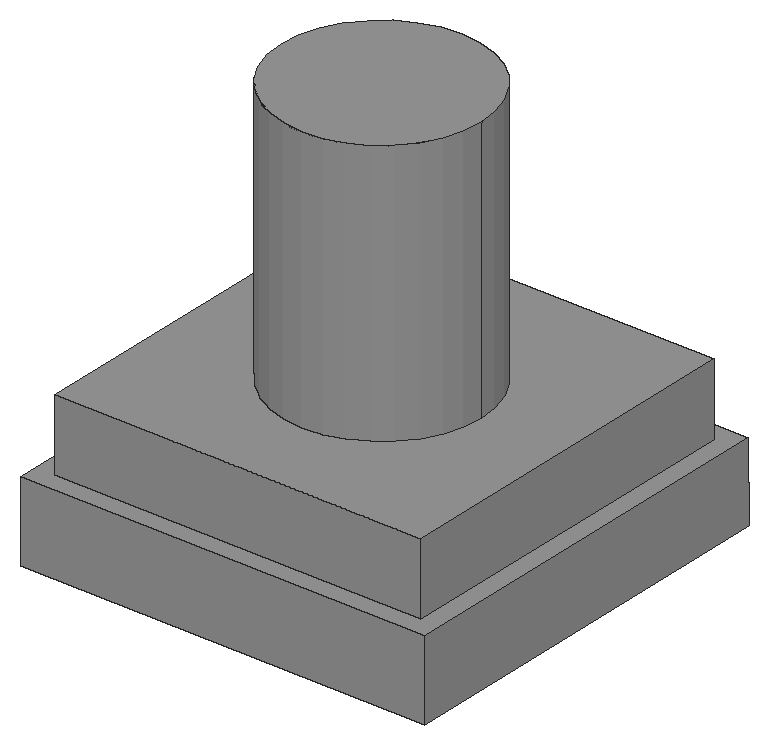
Revit family "VASARI 4 Square Wall Wash 02", category Lighting Fixtures, host Ceiling, Revit 2017
Family settings
  Host = Ceiling
  Round Connector Dimension = Use Diameter
  Part Type = Normal
  OmniClass Number = 23.80.70.11
  OmniClass Title = Luminaries for Internal Lighting
  Always vertical = Yes
  Cut with Voids When Loaded = No
  Light Source = Yes
  Shared = No
  Room Calculation Point = No
Parameters (values of type "100P")
  Wattage = 9.2903 W
  built-in parameter 1150110 = 1 (stored number, unit not read)
  built-in parameter 1114217 = 1 (stored number, unit not read)
  Tilt Angle = 90.00°
  built-in parameter 1150109 = 1 (stored number, unit not read)
  built-in parameter 1150134 = (empty or 0)
  built-in parameter 1150113 = 1 (stored number, unit not read)
  Photometric Web File = "ELR100P 35D.IES"
  Lumens = 1380 lm
  built-in parameter 1150115 = 1 (stored number, unit not read)
  built-in parameter 1150105 = 109.82 (stored number, unit not read)
  built-in parameter 1150137 = (empty or 0)
  built-in parameter 1150139 = (empty or 0)
  built-in parameter 1150112 = 1 (stored number, unit not read)
  built-in parameter 1150114 = 1 (stored number, unit not read)
  built-in parameter 1150132 = 2
  built-in parameter 1150102 = (empty or 0)
  built-in parameter 1150138 = (empty or 0)
  built-in parameter 1150107 = 3000 (stored number, unit not read)
  built-in parameter 1150106 = 1.0982 (stored number, unit not read)
  built-in parameter 1150104 = 13.8 (stored number, unit not read)
  Dimming Lamp Color Temperature Shift = <None>
  Color Filter = 16777215
  built-in parameter 1114218 = 1 (stored number, unit not read)
  built-in parameter 1150133 = 10 (stored number, unit not read)
Types (2, lengths in mm): name | Photometric Web File
  Type 1 | "ELR50P 35D.IES"
  100P | "ELR100P 35D.IES"
Reference planes
  plane 1 "Light Source Axis (F/B)": y = 0
  plane 2: z = 0
  plane 3 "Light Source Axis (L/R)": x = 0
  plane 4 "Ceiling": z = 4000
  plane 5 "Light Source Elevation": z = 3998.297
  plane 6 "Left": x = -68
  plane 7 "Right": x = 68
  plane 8 "Top": y = 61.939
  plane 9: y = -74.061
  plane 10: z = 4138.297
Forms (mm)
  Extrusion 1, solid, material "ELR Plastic, Opaque White"
    sketch origin (194.38, -6.791, 4000) x (0, 1, 0) y (-1, 0, 0)
      loop
        line (68.73, 262.38) -> (-67.27, 262.38) -> (-67.27, 126.38) -> (68.73, 126.38) -> (68.73, 262.38)
      loop
        line (62.23, 255.88) -> (-60.77, 255.88) -> (-60.77, 132.88) -> (62.23, 132.88) -> (62.23, 255.88)
    from -1.703 to 25
  Extrusion 2, solid, material "ELR Plastic, Opaque White"
    sketch origin (-0.386, -6.791, 4000) x (0, 1, 0) y (-1, 0, 0)
      loop
        line (62.23, 61.114) -> (-60.77, 61.114) -> (-60.77, -61.886) -> (62.23, -61.886) -> (62.23, 61.114)
    from 25 to 49.183
  Extrusion 3, solid, material "ELR Plastic, Opaque White"
    sketch origin (0.341, -6.791, 4000) x (0, 1, 0) y (-1, 0, 0)
      loop
        circle (-0.386, 0.341) r 33.614
    from 49.183 to 138.297
  Extrusion 4, solid, material "ELR Light Emissive"
    sketch origin (0, 0, 4000) x (0, 1, 0) y (-1, 0, 0)
      loop
        line (55.439, 61.5) -> (-67.561, 61.5) -> (-67.561, -61.5) -> (55.439, -61.5) -> (55.439, 61.5)
    from 1 to 2
Lines and regions (mm)
  Opening 1
    outline origin (0, -6.061, 4000) x (1, 0, 0) y (0, 1, 0)
      loop
        line (-68, 68) -> (-68, -68) -> (68, -68) -> (68, 68) -> (-68, 68)
Dimensions and locks
  equal spacing: host sketch curve, plane 3 "Light Source Axis (L/R)", host sketch curve
  equal spacing: host sketch curve, plane 1 "Light Source Axis (F/B)", host sketch curve
  host sketch curve to host sketch curve = 4000 mm  (x2)
  plane 4 "Ceiling" to host ceiling = 0 mm
  plane 6 "Left" to plane 7 "Right" = 136 mm
  plane 9 to plane 8 "Top" = 136 mm
  plane 5 "Light Source Elevation" to plane 10 = 140 mm
  plane 7 "Right" to plane 6 "Left" = 136 mm
  aligned and locked: plane 3 "Light Source Axis (L/R)" to imposter light
  aligned and locked: plane 1 "Light Source Axis (F/B)" to imposter light
  aligned and locked: plane 5 "Light Source Elevation" to imposter light
